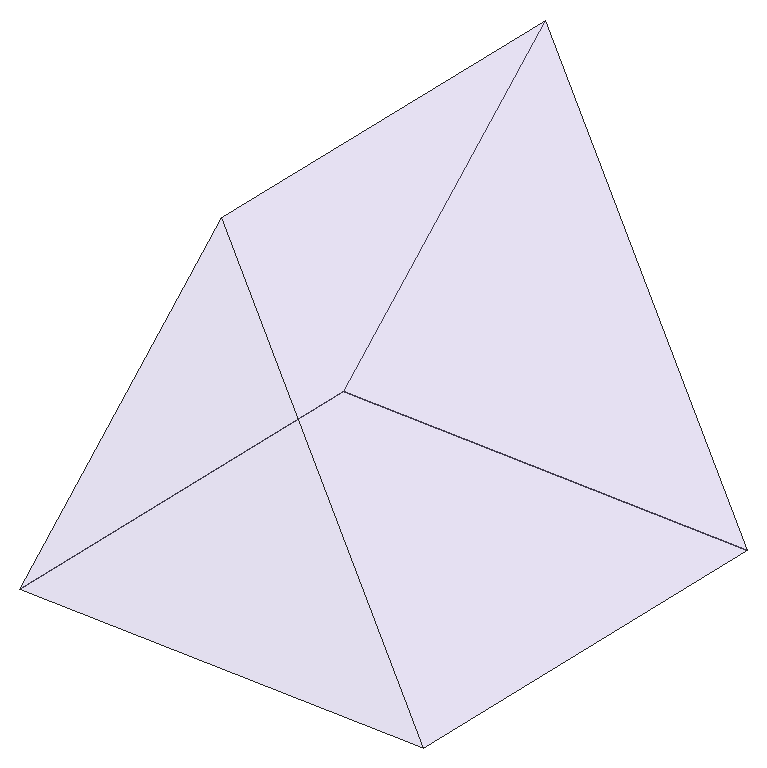
Revit family
Parameters (values of type "Isosceles")
  Width [instance] = 9000 mm
  Mass Material [instance] = Default Mass
  Height [instance] = 9000 mm
  Depth [instance] = 9000 mm
  Default Elevation = 1219.2 mm
Reference planes
  plane 1 "Center (Front/Back)": y = 12.955
  plane 2: z = 0
  plane 3 "Center (Left/Right)": x = -30.261
  plane 4: y = 4512.955
  plane 5: x = 4469.739
  plane 6: x = -4530.261
  plane 7: y = -4487.045
  plane 8: z = 9000
Forms (mm)
  Extrusion 1, solid, material "Default Mass" <- "Mass Material"
    sketch origin (0, 12.955, 0) x (1, 0, 0) y (0, 0, 1)
      loop
        line (-4530.261, 0) -> (4469.739, 0) -> (-30.261, 9000) -> (-4530.261, 0)
    from -4500 to 4500
Dimensions and locks
  equal spacing: plane 6, plane 3 "Center (Left/Right)", plane 5
  "Width": plane 6 to plane 5
  equal spacing: plane 4, plane 1 "Center (Front/Back)", plane 7
  "Depth": plane 4 to plane 7
  "Height": plane 8 to plane 2
  locked: level to plane 2
  aligned and locked: plane 6 to Extrusion 1 sketch curve
  aligned and locked: Extrusion 1 to plane 7
  aligned and locked: Extrusion 1 to plane 4
  aligned and locked: Extrusion 1 sketch curve to plane 2
  aligned and locked: plane 5 to Extrusion 1 sketch curve
  aligned and locked: plane 8 to Extrusion 1 sketch curve
Automatic sketch dimensions
  Extrusion 1 sketch curve to plane 3 "Center (Left/Right)" = 0 mm
